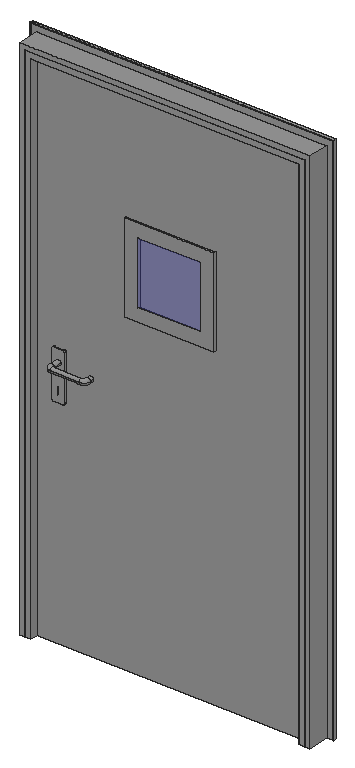
Revit family "SystemSchroeders_1flg.Tür", category Türen, Revit 2018
Family settings
  Basisbauteil = Wand
  OmniClass-Nummer = 23.30.10.00
  OmniClass-Titel = Doors
  Immer vertikal = Ja
  Beim Laden mit Abzugskörper schneiden = Nein
  Gemeinsam genutzt = Nein
  Raumberechnungspunkt = Nein
Parameters (values of type "RSN-1 CE")
  URL = "https://www.system-schroeders.de/content/de/sicherheitstueren/sicherheitstueren.html"
  Schlagregendichtheit = "bis Klasse 8A"
  Luftdichtigkeit = "bis Klasse 4 (600 Pa)"
  Hersteller = "System Schröders"
  Breite Rahmen Sichtfenster = 55 mm
  Breite Sichtfenster = 260 mm
  Dicke = 69 mm
  Öffnungswinkel = 90.00°
  Schallschutz = "53 (-1;-5) dB"
  Rauchschutz = "RS"
  PanelWidth = Breite - 2 * Rahmenbreite  # 1157 mm
  Druck- / Sogwiderstand = "5000Pa"
  Werkstoff Griff = Edelstahl
  Höhe Sichtfenster = 260 mm
  Hbl = 260 mm
  Höhe Türgriff = 1050 mm
  Werkstoff Sichtfenster = Glas
  Werkstoff Rahmen Sichtfenster = Edelstahl
  mit Sichtfenster [instance] = yes
  Funktion = Innen
  FrameCompensate = Edelstahl
  Rahmenbreite = 21.5 mm
  Höhe = 2200 mm
  Wandabschluss = Nach Basisbauteil
  Breite = 1200 mm
  Feuerschutz = "-"
  Einbauhöhe Sichtfenster = 1500 mm
  Werkstoff Türblatt = Edelstahl
  Werkstoff Rahmen = Edelstahl
  Einbruchschutz = "RC4 RC3 RC2 RC1"
  Analytische Konstruktion = "<None>"
  Widerstandsfähigkeit gegen Winlast = "bis Klasse C5 (2.000 Pa)"
Types (12, lengths in mm): name | Schlagregendichtheit | Schallschutz | Rauchschutz | PanelWidth | Druck- / Sogwiderstand | Breite | Feuerschutz | Einbruchschutz
  ESN-1 | "bis Klasse 8A" | "53 (-1;-5) dB" | "-" | 1157 | "5000Pa" | 1200 | "-" | "RC4 RC3 RC2 RC1"
  SN-1 | "bis Klasse 8A" | "53 (-1;-5) dB" | "-" | 1057 | "5000Pa" | 1100 | "-" | "-"
  EIS-11 | "bis Klasse 8A" | "-" | "S200" | 1157 | "5000Pa" | 1200 | "EI2 120 -S a -C5" | "-"
  TSN-3 CE | "bis Klasse 8A" | "53 (-1;-5) dB" | "S200" | 1157 | "5000Pa" | 1200 | "EI2 60 -S a -C5" | "RC4 RC3 RC2 RC1"
  ASN-1 | "bis Klasse 8A" | "-" | "-" | 1157 | "5000Pa" | 1200 | "-" | "-"
  TSN-1 CE | "bis Klasse 8A" | "53 (-1;-5) dB" | "S200" | 1157 | "5000Pa" | 1200 | "EI2 30 -S a -C5" | "RC4 RC3 RC2 RC1"
  ISN-1 | "bis Klasse 8A" | "-" | "-" | 1157 | "-" | 1200 | "-" | "-"
  TSN-11 CE | "bis Klasse 8A" | "53 (-1;-5) dB" | "S200" | 1157 | "5000Pa" | 1200 | "EI2 90 -S a -C5" | "RC4 RC3 RC2 RC1"
  RSN-1 | "bis Klasse 8A" | "53 (-1;-5) dB" | "RS" | 1157 | "5000Pa" | 1200 | "-" | "RC4 RC3 RC2 RC1"
  TSN-11 | "" | "53 (-1;-5) dB" | "RS" | 1157 | "5000Pa" | 1200 | "T-90" | "RC4 RC3 RC2 RC1"
  TSN-1 | "" | "53 (-1;-5) dB" | "RS" | 1157 | "5000Pa" | 1200 | "T-30" | "RC4 RC3 RC2 RC1"
  RSN-1 CE | "bis Klasse 8A" | "53 (-1;-5) dB" | "RS" | 1157 | "5000Pa" | 1200 | "-" | "RC4 RC3 RC2 RC1"
Reference planes
  plane 1: y = 0
  plane 2 "Center (Left/Right)": x = 0
  plane 3 "Left": x = -578.5
  plane 4 "Right": x = 578.5
  plane 5: z = 2178.5
  plane 6 "Exterior": y = 75
  plane 7 "Interior": y = -75
  plane 8 "2": x = 600
  plane 9 "3": x = -600
  plane 10: z = 2200
  plane 11: y = 18
  plane 12: y = 87
  plane 13 "Lock": z = 1050
  plane 14: y = 97
  plane 15: z = 150
  plane 16: z = 250
  plane 17: z = 260
  plane 18: z = 360
  plane 19: z = 2040
  plane 20: z = 1940
  plane 21: z = 1930
  plane 22: z = 1830
  plane 23: x = -460
  plane 24: z = 1500
Forms (mm)
  Sweep 1, solid, material "Edelstahl" <- "Werkstoff Rahmen"
    path in 3D
      loop
        line (600, 75, 0) -> (600, 75, 2200) -> (-600, 75, 2200) -> (-600, 75, 0)
    profile "Profile1 : Type 2" origin (600, 75, 1100) x (0, 1, 0) y (-1, 0, 0)
      loop
        line (0, -28.5) -> (12, -28.5) -> (12, 21.5) -> (0, 21.5) -> (0, 14.5) -> (-41, 14.5) -> (-41, 21.5) -> (-57, 21.5) -> (-57, 29.5) -> (-67.5, 29.5) -> (-67.5, 37.5) -> (-57, 37.5) -> (-57, 45.5) -> (-89, 45.5) -> (-89, 19.5) -> (-77, 19.5) -> (-77, 21.5) -> (-87, 21.5) -> (-87, 43.5) -> (-59, 43.5) -> (-59, 39.5) -> (-69.5, 39.5) -> (-69.5, 27.5) -> (-59, 27.5) -> (-59, 19.5) -> (-43, 19.5) -> (-43, 12.5) -> (2, 12.5) -> (2, 19.5) -> (10, 19.5) -> (10, -26.5) -> (0, -26.5) -> (0, -28.5)
  Extrusion 2, solid, material "Edelstahl" <- "Werkstoff Rahmen", detail levels fine
    sketch origin (0, 0, 1050) x (1, 0, 0) y (0, 1, 0)
      loop
        arc (588.5, 97) -> (569.28, 100.873) -> (585.5, 89.859) r 10
        line (585.5, 89.859) -> (585.5, 87) -> (588.5, 87) -> (588.5, 97)
    from -900 to -800
  Extrusion 3, solid, material "Edelstahl" <- "Werkstoff Rahmen", detail levels fine
    sketch origin (0, 0, 1050) x (1, 0, 0) y (0, 1, 0)
      loop
        arc (578.5, 87) -> (582.373, 106.22) -> (571.359, 90) r 10
        line (571.359, 90) -> (556.5, 90) -> (553.5, 87) -> (578.5, 87)
    from -790 to -690
  Extrusion 4, solid, material "Edelstahl" <- "Werkstoff Rahmen", detail levels fine
    sketch origin (0, 0, 1050) x (1, 0, 0) y (0, 1, 0)
      loop
        circle (578.5, 97) r 10
    from -800 to -790
  Extrusion 5, solid, material "Edelstahl" <- "Werkstoff Rahmen", detail levels fine
    sketch origin (0, 0, 1050) x (1, 0, 0) y (0, 1, 0)
      loop
        arc (578.5, 87) -> (582.373, 106.22) -> (571.359, 90) r 10
        line (571.359, 90) -> (556.5, 90) -> (553.5, 87) -> (578.5, 87)
    from 890 to 990
  Extrusion 6, solid, material "Edelstahl" <- "Werkstoff Rahmen", detail levels fine
    sketch origin (0, 0, 1050) x (1, 0, 0) y (0, 1, 0)
      loop
        arc (588.5, 97) -> (569.28, 100.873) -> (585.5, 89.859) r 10
        line (585.5, 89.859) -> (585.5, 87) -> (588.5, 87) -> (588.5, 97)
    from 780 to 880
  Extrusion 7, solid, material "Edelstahl" <- "Werkstoff Rahmen", detail levels fine
    sketch origin (0, 0, 1050) x (1, 0, 0) y (0, 1, 0)
      loop
        circle (578.5, 97) r 10
    from 880 to 890
  Extrusion 8, solid, material "Edelstahl" <- "Werkstoff Griff", detail levels fine
    sketch origin (0, 75, 0) x (1, 0, 0) y (0, 0, 1)
      loop
        line (-435, 905) -> (-435, 1095)
        arc (-435, 1095) -> (-436.464, 1098.536) -> (-440, 1100) r 5
        line (-440, 1100) -> (-480, 1100)
        arc (-480, 1100) -> (-483.536, 1098.536) -> (-485, 1095) r 5
        line (-485, 1095) -> (-485, 905)
        arc (-485, 905) -> (-483.536, 901.464) -> (-480, 900) r 5
        line (-480, 900) -> (-440, 900)
        arc (-440, 900) -> (-436.464, 901.464) -> (-435, 905) r 5
      loop
        line (-457, 960) -> (-463, 960) -> (-463, 930) -> (-457, 930) -> (-457, 960)
    from -20 to -12
  Sweep 9, solid, material "Edelstahl" <- "Werkstoff Griff", detail levels fine
    path origin (0, 0, 1050) x (1, 0, 0) y (0, 1, 0)
      loop
        line (-460, 95) -> (-460, 120)
        arc (-460, 120) -> (-455.607, 130.607) -> (-445, 135) r 15
        line (-445, 135) -> (-325, 135)
        arc (-325, 135) -> (-314.393, 130.607) -> (-310, 120) r 15
        line (-310, 120) -> (-310, 105)
    profile origin (-460, 107.5, 1050) x (-1, 0, 0) y (0, 0, 1)
      loop
        circle (0, 0) r 10
  Extrusion 10, solid, material "Edelstahl" <- "Werkstoff Rahmen Sichtfenster", visible <- "mit Sichtfenster", detail levels medium+fine
    sketch origin (0, 75, 0) x (1, 0, 0) y (0, 0, 1)
      loop
        line (130, 1630) -> (-130, 1630) -> (-130, 1370) -> (130, 1370) -> (130, 1630)
      loop
        line (185, 1685) -> (-185, 1685) -> (-185, 1315) -> (185, 1315) -> (185, 1685)
    from -20 to -12
  Extrusion 11, solid, material "Glas" <- "Werkstoff Sichtfenster", visible <- "mit Sichtfenster", detail levels medium+fine
    sketch origin (0, -75, 0) x (1, 0, 0) y (0, 0, 1)
      loop
        line (-130, 1370) -> (130, 1370) -> (130, 1630) -> (-130, 1630) -> (-130, 1370)
    from -170 to -162
  Extrusion 12, solid, material "Glas" <- "Werkstoff Sichtfenster", visible <- "mit Sichtfenster", detail levels medium+fine
    sketch origin (0, -75, 0) x (1, 0, 0) y (0, 0, 1)
      loop
        line (-130, 1630) -> (-130, 1370) -> (130, 1370) -> (130, 1630) -> (-130, 1630)
    from -93 to -85
  Extrusion 13, solid, material "Edelstahl" <- "Werkstoff Griff", detail levels fine
    sketch origin (0, 75, 0) x (1, 0, 0) y (0, 0, 1)
      loop
        line (-435, 905) -> (-435, 1095)
        arc (-435, 1095) -> (-436.464, 1098.536) -> (-440, 1100) r 5
        line (-440, 1100) -> (-480, 1100)
        arc (-480, 1100) -> (-483.536, 1098.536) -> (-485, 1095) r 5
        line (-485, 1095) -> (-485, 905)
        arc (-485, 905) -> (-483.536, 901.464) -> (-480, 900) r 5
        line (-480, 900) -> (-440, 900)
        arc (-440, 900) -> (-436.464, 901.464) -> (-435, 905) r 5
      loop
        line (-457, 960) -> (-463, 960) -> (-463, 930) -> (-457, 930) -> (-457, 960)
    from 57 to 65
  Sweep 14, solid, material "Edelstahl" <- "Werkstoff Griff", detail levels fine
    path origin (0, 0, 1050) x (1, 0, 0) y (0, 1, 0)
      loop
        line (-460, 10) -> (-460, -25)
        arc (-460, -25) -> (-455.607, -35.607) -> (-445, -40) r 15
        line (-445, -40) -> (-325, -40)
        arc (-325, -40) -> (-314.393, -35.607) -> (-310, -25) r 15
        line (-310, -25) -> (-310, -10)
    profile origin (-460, -7.5, 1050) x (1, 0, 0) y (0, 0, 1)
      loop
        circle (0, 0) r 10
  Extrusion 15, solid, material "Edelstahl" <- "Werkstoff Türblatt"
    sketch origin (0, 0, 0) x (1, 0, 0) y (0, 1, 0)
      loop
        line (-578.5, 87) -> (-578.5, 18) -> (578.5, 18) -> (578.5, 87) -> (-578.5, 87)
    from 0 to 2178.5
  Sweep 16, solid, material "Edelstahl" <- "FrameCompensate"
    path origin (0, 75, 0) x (1, 0, 0) y (0, 0, 1)
      loop
        line (600, 0) -> (600, 2200) -> (-600, 2200) -> (-600, 0)
    profile origin (600, 75, 1100) x (-1, 0, 0) y (0, -1, 0)
      loop
        line (-26.5, -10) -> (19.5, -10) -> (19.5, -2) -> (12.5, -2) -> (12.5, 43) -> (19.5, 43) -> (19.5, 59) -> (27.5, 59) -> (27.5, 69.5) -> (39.5, 69.5) -> (39.5, 59) -> (43.5, 59) -> (43.5, 87) -> (21.5, 87) -> (21.5, 77) -> (19.5, 77) -> (19.5, 89) -> (0, 89) -> (0, 0) -> (-26.5, 0) -> (-26.5, -10)
  Extrusion 17, solid, material "Edelstahl" <- "Werkstoff Rahmen Sichtfenster", visible <- "mit Sichtfenster", detail levels medium+fine
    sketch origin (0, -75, 0) x (1, 0, 0) y (0, 0, 1)
      loop
        line (-185, 1685) -> (-185, 1315) -> (185, 1315) -> (185, 1685) -> (-185, 1685)
      loop
        line (-130, 1630) -> (-130, 1370) -> (130, 1370) -> (130, 1630) -> (-130, 1630)
    from -93 to -85
Lines and regions (mm)
  Opening 1
    outline origin (-3050, -75, 0) x (1, 0, 0) y (0, 0, 1)
      loop
        line (3650, 2200) -> (2450, 2200) -> (2450, 0) -> (3650, 0) -> (3650, 2200)
  Masking region 1
    outline origin (578.5, 87, 0) x (0, 1, 0) y (-1, 0, 0)
      loop
        line (0, 0) -> (1157, 0) -> (1157, 69) -> (0, 69) -> (0, 0)
  Masking region 2
    outline origin (818.5, 87, 0) x (0, 1, 0) y (-1, 0, 0)
      loop
        line (-162, 218.5) -> (-12, 218.5) -> (-12, 240) -> (-69, 240) -> (-69, 264) -> (-162, 264) -> (-162, 218.5)
  Masking region 3
    outline origin (498.695, 98.168, 0) x (0, 1, 0) y (-1, 0, 0)
      loop
        line (-80.168, 1077.195) -> (-23.168, 1077.195) -> (-23.168, 1098.695) -> (-173.168, 1098.695) -> (-173.168, 1053.195) -> (-80.168, 1053.195) -> (-80.168, 1077.195)
  symbolic lines, style "Elevation Swing"
    curve 1: line (578.5, -75, 1089.25) -> (-578.5, -75, 2178.5)
    curve 2: line (578.5, -75, 1089.25) -> (-578.5, -75, 0)
  sketch lines
    curve 3: line (600, 75, 0) -> (600, 75, 2200)
    curve 4: line (600, 75, 2200) -> (-600, 75, 2200)
    curve 5: line (-600, 75, 2200) -> (-600, 75, 0)
  reference lines
    curve 6: line (578.5, 87, 0) -> (578.5, 1647, 0)
  symbolic lines, style "Doors"
    curve 7: arc (-578.5, 87, 0) -> (-239.623, 905.123, 0) -> (578.5, 1244, 0) r 1157
Text (mm)
  text "Exterior" at (-2295.016, 1099.543, 0), in view "Ref. Level"
  text "Exterior" at (0, 1615.38, 3698.081), in view "Left"
  text "Exterior" at (0, 1036.032, 3874.932), in view "Right"
Dimensions and locks
  equal spacing: plane 3 "Left", plane 2 "Center (Left/Right)", plane 4 "Right"
  "Breite": plane 9 "3" to plane 8 "2"
  "Höhe": plane 10 to host wall
  equal spacing: host wall, curve 2, plane 5
  host wall to plane 5 = 2178.5 mm
  locked: plane 6 "Exterior" to host wall at 0
  locked: plane 7 "Interior" to host wall
  "Rahmenbreite": plane 5 to plane 10
  "Rahmenbreite": plane 4 "Right" to plane 8 "2"
  "Rahmenbreite": plane 9 "3" to plane 3 "Left"
  "Dicke": plane 12 to plane 11
  locked: plane 6 "Exterior" to plane 12 at 12
  "Höhe Türgriff": level to plane 13 "Lock"
  locked: plane 14 to plane 12 at 10
  locked: Extrusion 3 sketch curve to plane 4 "Right" at 25
  locked: Extrusion 3 sketch curve to plane 12 at 3
  "Hbl": level to plane 17
  plane 15 to plane 16 = 100 mm
  locked: plane 4 "Right" to Extrusion 2 sketch curve at 10
  locked: Extrusion 2 sketch curve to Extrusion 2 sketch curve at 3
  locked: plane 16 to plane 17 at 10
  locked: plane 17 to plane 18 at 100
  locked: Extrusion 6 sketch curve to Extrusion 6 sketch curve at 3
  "Hbl": plane 20 to plane 10
  plane 22 to plane 21 to plane 20 to plane 19 = 100 mm locked, 10 mm locked, 100 mm locked
  locked: plane 23 to Extrusion 8 sketch curve at 25
  locked: Extrusion 8 sketch curve to plane 23 at 25
  locked: plane 23 to Extrusion 8 sketch curve at 3
  locked: Extrusion 8 sketch curve to plane 23 at 3
  locked: Extrusion 8 sketch curve to plane 13 "Lock" at 90
  locked: Extrusion 8 sketch curve to Extrusion 8 sketch curve at 30
  locked: Extrusion 8 to plane 12 at 8
  locked: Sweep 9 sketch curve to plane 12 at 48
  locked: Sweep 9 sketch curve to Sweep 9 sketch curve at 30
  locked: plane 23 to Sweep 9 sketch curve at 150
  locked: plane 9 "3" to plane 23 at 140
  locked: Extrusion 13 sketch curve to Extrusion 13 sketch curve at 30
  locked: plane 11 to Extrusion 13 at 8
  locked: plane 23 to Sweep 14 sketch curve at 150
  locked: Sweep 14 sketch curve to Sweep 14 sketch curve at 30
  locked: Sweep 14 sketch curve to Extrusion 13 at 50
  "PanelWidth": Masking region 1 sketch curve to Masking region 1 sketch curve
  "Dicke": curve 6 to Masking region 1 sketch curve
  "Einbauhöhe Sichtfenster": level to plane 24
  equal spacing: Extrusion 10 sketch curve, plane 24, Extrusion 10 sketch curve
  equal spacing: Extrusion 10 sketch curve, plane 2 "Center (Left/Right)", Extrusion 10 sketch curve
  "Höhe Sichtfenster": Extrusion 10 sketch curve to Extrusion 10 sketch curve
  "Breite Sichtfenster": Extrusion 10 sketch curve to Extrusion 10 sketch curve
  "Breite Rahmen Sichtfenster": Extrusion 10 sketch curve to Extrusion 10 sketch curve  (x4)
  locked: plane 13 "Lock" to Extrusion 8 sketch curve at 50
  locked: Extrusion 8 sketch curve to plane 13 "Lock" at 150
  radius of Extrusion 2 sketch curve = 10 mm
  radius of Extrusion 3 sketch curve = 10 mm
  radius of Extrusion 4 sketch curve = 10 mm
  radius of Extrusion 5 sketch curve = 10 mm
  radius of Extrusion 6 sketch curve = 10 mm
  radius of Extrusion 7 sketch curve = 10 mm
  radius of Sweep 9 sketch curve = 15 mm  (x2)
  radius of Sweep 9 sketch curve = 10 mm
  radius of Sweep 14 sketch curve = 15 mm  (x2)
  radius of Sweep 14 sketch curve = 10 mm
  "PanelWidth": radius of curve 7
  radius of Extrusion 8 sketch curve = 5 mm  (x4)
  "Öffnungswinkel": angle curve 6 to plane 12
  aligned and locked: plane 5 to curve 1
  aligned and locked: plane 3 "Left" to curve 2
  aligned and locked: plane 1 to host wall
  aligned and locked: plane 3 "Left" to curve 1
  aligned and locked: Opening 1 sketch curve to plane 10
  aligned and locked: Opening 1 sketch curve to plane 8 "2"
  aligned and locked: Opening 1 sketch curve to level
  aligned and locked: plane 9 "3" to Opening 1 sketch curve
  aligned and locked: Extrusion 2 sketch curve to plane 14
  aligned and locked: Extrusion 3 sketch curve to plane 14
  aligned and locked: plane 4 "Right" to Extrusion 3 sketch curve
  aligned and locked: plane 16 to Extrusion 2
  aligned and locked: Extrusion 2 to plane 15
  aligned and locked: Extrusion 3 to plane 17
  aligned and locked: plane 18 to Extrusion 3
  aligned and locked: plane 4 "Right" to Extrusion 4 sketch curve
  aligned and locked: Extrusion 4 sketch curve to plane 14
  aligned and locked: Extrusion 4 to plane 16
  aligned and locked: plane 17 to Extrusion 4
  aligned and locked: Extrusion 5 to plane 19
  aligned and locked: plane 20 to Extrusion 5
  aligned and locked: Extrusion 6 to plane 21
  aligned and locked: plane 22 to Extrusion 6
  aligned and locked: Extrusion 7 to plane 20
  aligned and locked: plane 21 to Extrusion 7
  aligned and locked: Extrusion 8 to plane 12
  aligned and locked: Sweep 9 sketch curve to plane 23
  aligned and locked: plane 23 to Sweep 9 sketch curve
  aligned and locked: plane 13 "Lock" to Sweep 9 sketch curve
  aligned and locked: profile plane to plane 13 "Lock"  (x2)
  aligned and locked: profile plane to plane 23  (x2)
  aligned and locked: Extrusion 10 to Extrusion 8
  aligned and locked: plane 11 to Extrusion 13
  aligned and locked: plane 23 to Sweep 14 sketch curve  (x2)
  aligned and locked: plane 13 "Lock" to Sweep 14 sketch curve
  aligned and locked: Extrusion 15 to plane 5
  aligned and locked: Extrusion 15 to plane 4 "Right"
  aligned and locked: plane 3 "Left" to Extrusion 15
  aligned and locked: Extrusion 15 to level
  aligned and locked: Extrusion 15 sketch curve to plane 12
  aligned and locked: plane 11 to Extrusion 15 sketch curve
  aligned and locked: Extrusion 15 sketch curve to plane 3 "Left"
  aligned and locked: plane 4 "Right" to Extrusion 15 sketch curve
  aligned and locked: plane 4 "Right" to curve 6
  aligned and locked: plane 12 to curve 6
  aligned and locked: Masking region 1 sketch curve to curve 6
  aligned and locked: Masking region 1 to curve 7
  aligned and locked: plane 4 "Right" to curve 7
  aligned and locked: plane 12 to curve 7
  aligned and locked: Extrusion 15 to Sweep 16 sketch curve
  aligned and locked: level to Sweep 16 sketch curve
  aligned and locked: plane 8 "2" to Sweep 16 sketch curve
  aligned and locked: Sweep 16 sketch curve to plane 9 "3"
  aligned and locked: plane 10 to Sweep 16 sketch curve
  aligned and locked: Sweep 16 sketch curve to Sweep 1  (x12)
  aligned and locked: Sweep 1 to Sweep 16 sketch curve  (x5)
  aligned and locked: Sweep 16 sketch curve to host wall
  aligned and locked: host wall to Sweep 16 sketch curve
  aligned and locked: Extrusion 17 to Extrusion 15
  aligned and locked: Extrusion 13 to Extrusion 17
  aligned and locked: Extrusion 10 to Extrusion 11
  aligned and locked: Extrusion 11 to plane 12
  aligned and locked: plane 11 to Extrusion 12
  aligned and locked: Extrusion 17 to Extrusion 12
  aligned and locked: host wall to Masking region 2  (x2)
  aligned and locked: plane 4 "Right" to Masking region 2
  aligned and locked: Masking region 2 to plane 8 "2"
  aligned and locked: plane 7 "Interior" to Masking region 3
  aligned and locked: Masking region 3 to plane 6 "Exterior"
  aligned and locked: Masking region 3 to plane 3 "Left"
  aligned and locked: plane 9 "3" to Masking region 3
  aligned and locked: Masking region 3 sketch curve to Sweep 1
  aligned and locked: Masking region 3 sketch curve to plane 11
  aligned and locked: Masking region 3 sketch curve to plane 3 "Left"
  aligned and locked: Masking region 3 sketch curve to plane 6 "Exterior"
  aligned and locked: plane 9 "3" to Masking region 3 sketch curve
  aligned and locked: plane 7 "Interior" to Masking region 3 sketch curve
  aligned and locked: Masking region 2 sketch curve to plane 8 "2"
  aligned and locked: plane 7 "Interior" to Masking region 2 sketch curve
  aligned and locked: Masking region 2 sketch curve to plane 6 "Exterior"
  aligned and locked: Extrusion 15 to Masking region 2 sketch curve
  aligned and locked: Masking region 2 sketch curve to Sweep 1
  aligned and locked: Extrusion 12 sketch curve to Extrusion 10  (x4)
  aligned and locked: Extrusion 17 sketch curve to Extrusion 10  (x8)
  aligned and locked: Extrusion 11 sketch curve to Extrusion 10  (x4)
  aligned and locked: Extrusion 13 sketch curve to Extrusion 8  (x7)
  aligned and locked: Sweep 1 to curve 2
Automatic sketch dimensions
  Extrusion 2 sketch curve to plane 12 = 0 mm
  Extrusion 3 sketch curve to Extrusion 3 sketch curve = 3 mm
  Extrusion 5 sketch curve to plane 12 = 0 mm
  Extrusion 5 sketch curve to plane 4 "Right" = 0 mm
  plane 12 to Extrusion 5 sketch curve = 3 mm
  Extrusion 5 sketch curve to Extrusion 5 sketch curve = 14.859 mm
  Extrusion 5 sketch curve to Extrusion 5 sketch curve = 3 mm
  Extrusion 6 sketch curve to plane 4 "Right" = 0 mm
  Extrusion 6 sketch curve to plane 12 = 0 mm
  plane 14 to Extrusion 6 sketch curve = 0 mm
  Extrusion 7 sketch curve to plane 4 "Right" = 0 mm
  plane 14 to Extrusion 7 sketch curve = 0 mm
  Sweep 9 sketch curve to plane 14 = 2 mm
  Sweep 14 sketch curve to plane 11 = 8 mm
  Sweep 16 sketch curve to Sweep 16 sketch curve = 10.5 mm
  Masking region 2 sketch curve to curve 6 = 0 mm
  plane 23 to Extrusion 13 sketch curve = 3 mm
  curve 2 to level = 0 mm
  Masking region 1 sketch curve to curve 6 = 0 mm
